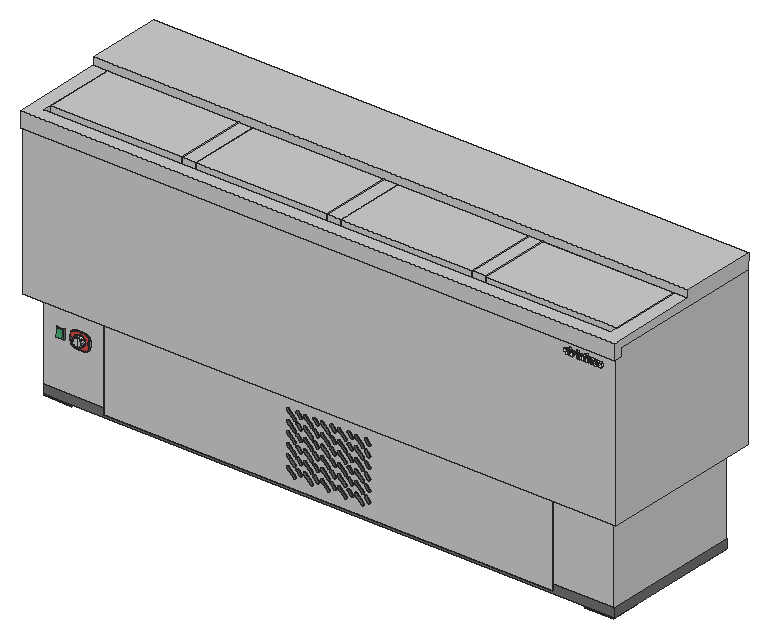
Revit family "QF_INFRICO_EFP2000II_250807083716", category Specialty Equipment, Revit 2021
Family settings
  Round Connector Dimension = Use Diameter
  Part Type = Normal
  OmniClass Number = 23.40.40.14
  OmniClass Title = Food Service Equipment
  Work Plane-Based = No
  Always vertical = Yes
  Cut with Voids When Loaded = No
  Shared = No
  Room Calculation Point = No
Parameters (values of type "EFP2000II")
  Weight [instance] = 88.9994 kg
  Waste Water Discharge Temperature [instance] = 0 °C
  Waste Remarks [instance] = ""
  Warranty Start Date [instance] = ""
  Warranty Duration [instance] = ""
  Volts [instance] = 230 V
  Volt Free Conn [instance] = no
  URL Recommended Spares List [instance] = ""
  URL Manufacturer [instance] = ""
  URL Cutsheet [instance] = ""
  URL Critical Spares List [instance] = ""
  URL = "www.infrico.com"
  Technical Documentation [instance] = ""
  Tag Number [instance] = ""
  Status [instance] = ""
  Start Up Current [instance] = 0 A
  Specification by User [instance] = ""
  Specification by Manufacturer [instance] = ""
  Sound Level [instance] = ""
  Show Logo [instance] = yes
  Show Clearances [instance] = yes
  Service Life Duration [instance] = ""
  Serial Number [instance] = ""
  Seismic Rating [instance] = ""
  SMACNA No [instance] = ""
  Revision Code [instance] = ""
  Revision [instance] = ""
  Production Year [instance] = ""
  Potential Equalisation [instance] = no
  Point Load [instance] = 0
  Plumbing Connection Type [instance] = ""
  Phase [instance] = 1
  Other Equipment Approvals [instance] = ""
  Operational Current [instance] = 0 A
  Number of Poles [instance] = 2
  No Load Power Draw [instance] = no
  NAFEM Spec ID Number [instance] = ""
  Model Warning [instance] = ""
  Model = "EFP2000II"
  Min Ckt Ampacity [instance] = 0 A
  Max Overcurrent Protection [instance] = 0 A
  Masterspec [instance] = ""
  Manufacturer = "INFRICO"
  Main switch integrated [instance] = no
  Length Actual [instance] = 1954.022 mm
  Item Number [instance] = ""
  Installed By [instance] = ""
  Installation Date [instance] = ""
  Indirect Waste Size [instance] = 19.05 mm
  Indirect Waste Remarks [instance] = ""
  Indirect Waste Flow [instance] = 0.0 L/s
  Indirect Waste Connection Type [instance] = ""
  Indirect Waste Connection Height [instance] = 0 mm
  Identify Quantity as Lot [instance] = no
  ID [instance] = ""
  Hygiene Approval [instance] = ""
  Height Actual [instance] = 880.11 mm
  HP power [instance] = ""
  Furnished By [instance] = ""
  Foodservice Equipment Identifier [instance] = no
  FL Amps [instance] = 0 A
  Electrical Remarks [instance] = ""
  Electric power [instance] = 180 W
  Electric Connection Type [instance] = ""
  Elec Conn RI Height [instance] = 0 mm
  Elec Conn Connection Height [instance] = 0 mm
  ETL Approved [instance] = no
  Direct Waste Water Discharge Temperature [instance] = -273.15 °C
  Direct Waste Size [instance] = 19.05 mm
  Direct Waste RI Height [instance] = 0 mm
  Direct Waste Flow [instance] = 0.0 L/s
  Direct Waste Connection Height [instance] = 0 mm
  Description = "CHEST BOTTLE COOLER FLAT BOTTOM - STAINLESS STEEL - FOUR DOORS - R290"
  Depth Actual [instance] = 549.91 mm
  Default Elevation = 0 mm
  Cycle [instance] = 50 Hz
  Cost = 0
  Connection to energy optimisation system [instance] = yes
  Conn Plug [instance] = ""
  Conn Conduit [instance] = no
  Centralized building control system with digital interface [instance] = ""
  CSI MasterFormat [instance] = ""
  CE Approved [instance] = no
  Barcode [instance] = 0
  Author [instance] = ""
  Asset Identifier [instance] = ""
  Apparent Power [instance] = 180 VA
  Accessory [instance] = no
Reference planes
  plane 1 "Center (Front/Back)": y = 0
  plane 2: z = 0
  plane 3 "Center (Left/Right)": x = 0
Forms (mm)
  Extrusion 1, solid, not visible
    sketch origin (94.005, -271.013, 296.014) x (1, 0, 0) y (0, 1, 0)
      loop
        line (-2, 2) -> (-2, -2) -> (2, -2) -> (2, 2) -> (-2, 2)
    from -2 to 2
  Extrusion 2, solid, not visible
    sketch origin (1794.088, -40.002, 72.004) x (1, 0, 0) y (0, 1, 0)
      loop
        line (-2, 2) -> (-2, -2) -> (2, -2) -> (2, 2) -> (-2, 2)
    from -2 to 2
Dimensions and locks
  locked: nested 2 to Extrusion 1 at 2  (x2)
  locked: nested 3 to Extrusion 2 at 2  (x2)
  aligned and locked: level to plane 2
Nested families
  nested 1: "QF_INFRICO_EFP2000II_2920" at (0, 0, 0), type "EFP2000II"
    with Weight 88.9994 kg, Warranty Start Date "", Warranty Duration "", URL Cutsheet "", Technical Documentation "", Tag Number "", Status "", Specification by User "", Specification by Manufacturer "", Sound Level "", Solid Fuel Type "", Show Logo yes, Show Clearances yes, Show Clearance yes, Service Life Duration "", Serial Number "", Seismic Rating "", SMACNA No "", Revision Code "", Revision "", Production Year "", Point Load 0, Other Equipment Approvals "", NAFEM Spec ID Number "", Model Warning "", Masterspec "", Length Actual 1954.022 mm, Item Number "", Installed By "", Installation Date "", Identify Quantity as Lot yes, ID "", Hygiene Approval "", Height Actual 880.11 mm, Furnished By "", Foodservice Equipment Identifier yes, Finish none, ETL Approved yes, Depth Actual 549.91 mm, CSI MasterFormat "", CE Approved no, Barcode "", Author "", Asset Identifier "", Accessory no
  nested 2: "CONN_POINT_DRAIN_2D___Generic_Annotation" at (94.005, -271.013, 294.014), type "CONN_POINT_DRAIN_2D___Generic_Annotation"
    with Onboard connection annotation symbol visibility yes
  nested 3: "CONN_POINT_ELE_2D___Generic_Annotation" at (1794.088, -40.002, 70.003), type "CONN_POINT_ELE_2D___Generic_Annotation"
    with Onboard connection annotation symbol visibility yes
Connectors
  piping at (94.005, -271.013, 294.014), diameter 19.05, driven by "Indirect Waste Size", driven by "Direct Waste Flow"
    settings: on Extrusion 1, index 1, connector inside diameter 609.6 mm, connector length 0 mm, flow factor 0, pipe flow 0.0 L/s, pressure drop 0.0 Pa, fitting loss kfactor 0, connector angle 0.00°, fixture units 0, engagement length 0 mm, angle of deflection 0.00°, flow configuration 1, flow direction 2, fitting loss method 0, system type 16, joint type 0, gender type 0, connector reference index -1, connector utility 0, adjustable connector no, is connector primary yes, connector description "Waste connection for EFP2000II"
  electrical at (1794.088, -40.002, 70.003), driven by "Apparent Power", driven by "Number of Poles", driven by "Volts"
    settings: on Extrusion 2, index 2, voltage 230 V, apparent load 0 VA, apparent load phase1 180 VA, apparent load phase2 0 VA, apparent load phase3 0 VA, power factor 1, load classification "Other", number of poles 2, system type 31, power factor state 1, is connector primary yes, connector utility no, sub classification motor no, connector description "Electrical connection for EFP2000II"
Definition of nested family "QF_INFRICO_EFP2000II_2920"
  Parameters (values of type "EFP2000II")
    Weight [instance] = 0.00 kg
    Warranty Start Date [instance] = ""
    Warranty Duration [instance] = ""
    URL Cutsheet [instance] = ""
    URL = "www.infrico.com"
    Technical Documentation [instance] = ""
    Tag Number [instance] = ""
    Status [instance] = ""
    Specification by User [instance] = ""
    Specification by Manufacturer [instance] = ""
    Sound Level [instance] = ""
    Solid Fuel Type [instance] = ""
    Show Logo [instance] = yes
    Show Clearances [instance] = yes
    Show Clearance [instance] = yes
    Service Life Duration [instance] = ""
    Serial Number [instance] = ""
    Seismic Rating [instance] = ""
    SMACNA No [instance] = ""
    Revision Code [instance] = ""
    Revision [instance] = ""
    Production Year [instance] = ""
    Point Load [instance] = 0
    Other Equipment Approvals [instance] = ""
    NAFEM Spec ID Number [instance] = ""
    Model Warning [instance] = ""
    Model = "EFP2000II"
    Masterspec [instance] = ""
    Manufacturer = "INFRICO"
    Length Actual [instance] = 0 mm
    Item Number [instance] = ""
    Installed By [instance] = ""
    Installation Date [instance] = ""
    Identify Quantity as Lot [instance] = yes
    ID [instance] = ""
    Hygiene Approval [instance] = ""
    Height Actual [instance] = 0 mm
    Furnished By [instance] = ""
    Foodservice Equipment Identifier [instance] = yes
    Finish [instance] = none
    ETL Approved [instance] = yes
    Description = "CHEST BOTTLE COOLER FLAT BOTTOM - STAINLESS STEEL - FOUR DOORS - R290"
    Depth Actual [instance] = 0 mm
    Default Elevation = 0 mm
    CSI MasterFormat [instance] = ""
    CE Approved [instance] = yes
    Barcode [instance] = ""
    Author [instance] = ""
    Asset Identifier [instance] = ""
    Assembly Code = "E1090320"
    Accessory [instance] = yes
  Reference planes
    plane 1 "Back": y = 0
    plane 2: z = 0
    plane 3 "Left": x = 0
    plane 4 "Right": x = 1954
    plane 5 "Front": y = -550
    plane 6 "Top": z = 880
  Forms (mm)
    Extrusion 1, solid
      sketch origin (0, 0, 0) x (0, 1, 0) y (0, 0, 1)
        loop
          line (0, 880) -> (-247, 880) -> (-247, 855) -> (0, 855) -> (0, 880)
      from 0 to 1954
    Extrusion 2, solid
      sketch origin (0, 0, 0) x (1, 0, 0) y (0, 0, 1)
        loop
          line (44, 855) -> (0, 855) -> (0, 830) -> (3, 830) -> (3, 836) -> (44, 836) -> (44, 855)
      from 0 to 510
    Extrusion 3, solid
      sketch origin (1954, 0, 0) x (-1, 0, 0) y (0, 0, -1)
        loop
          line (44, -855) -> (44, -836) -> (3, -836) -> (3, -830) -> (0, -830) -> (0, -855) -> (44, -855)
      from 0 to 510
    Extrusion 4, solid
      sketch origin (0, 0, 0) x (0, 1, 0) y (0, 0, 1)
        loop
          line (-510, 830) -> (-510, 855) -> (-550, 855) -> (-550, 830) -> (-510, 830)
      from 0 to 1954
    Extrusion 5, solid
      sketch origin (2, 0, 0) x (0, 1, 0) y (0, 0, 1)
        loop
          line (-247, 855) -> (-482, 855) -> (-482, 830) -> (-247, 830) -> (-247, 855)
      from 44 to 475
    Extrusion 6, solid
      sketch origin (0, 0, 0) x (0, 1, 0) y (0, 0, 1)
        loop
          line (0, 855) -> (-44, 855) -> (-44, 830) -> (0, 830) -> (0, 855)
      from 44 to 1910
    Extrusion 7, solid
      sketch origin (0, 0, 0) x (1, 0, 0) y (0, 0, 1)
        loop
          line (3, 830) -> (44, 830) -> (44, 836) -> (3, 836) -> (3, 830)
      from 0 to 44
    Extrusion 8, solid
      sketch origin (1907, 0, 0) x (1, 0, 0) y (0, 0, 1)
        loop
          line (3, 830) -> (44, 830) -> (44, 836) -> (3, 836) -> (3, 830)
      from 0 to 44
    Extrusion 9, solid
      sketch origin (3, 0, 0) x (0, 1, 0) y (0, 0, 1)
        loop
          line (-542, 830) -> (-542, 313) -> (-504, 313) -> (-504, 830) -> (-542, 830)
      from 0 to 1948
    Extrusion 10, solid
      sketch origin (3, 0, 0) x (0, 1, 0) y (0, 0, 1)
        loop
          line (-504, 313) -> (0, 313) -> (0, 830) -> (-504, 830) -> (-504, 313)
      from 0 to 1948
    Extrusion 11, solid
      sketch origin (39, 0, 0) x (0, 1, 0) y (0, 0, 1)
        loop
          line (-42, 313) -> (-504, 313) -> (-504, 43) -> (-42, 43) -> (-42, 313)
      from 0 to 200
    Extrusion 12, solid
      sketch origin (1715, 0, 0) x (0, 1, 0) y (0, 0, 1)
        loop
          line (-42, 313) -> (-504, 313) -> (-504, 43) -> (-42, 43) -> (-42, 313)
      from 0 to 200
    Extrusion 13, solid
      sketch origin (0, 0, 0) x (1, 0, 0) y (0, 0, 1)
        loop
          line (239, 313) -> (239, 23) -> (1715, 23) -> (1715, 313) -> (239, 313)
      from 42 to 52
    Extrusion 14, solid
      sketch origin (0, -452, 0) x (1, 0, 0) y (0, 0, 1)
        loop
          line (239, 313) -> (239, 23) -> (1715, 23) -> (1715, 313) -> (239, 313)
      from 42 to 52
    Extrusion 15, solid
      sketch origin (-961, 0, 13) x (1, 0, 0) y (0, 1, 0)
        loop
          line (1000, -42) -> (1000, -504) -> (1200, -504) -> (1200, -474) -> (1030, -474) -> (1030, -72) -> (1200, -72) -> (1200, -42) -> (1000, -42)
      from 0 to 30
    Extrusion 16, solid
      sketch origin (2915, 0, 13) x (-1, 0, 0) y (0, -1, 0)
        loop
          line (998.35, 42) -> (1200, 42) -> (1200, 72) -> (1030, 72) -> (1030, 474) -> (1200, 474) -> (1200, 504) -> (998.35, 504) -> (998.35, 42)
      from 0 to 30
    Extrusion 17, solid
      sketch origin (-1000, 0, 0) x (1, 0, 0) y (0, 1, 0)
        loop
          line (1239, -504) -> (2715, -504) -> (2715, -494) -> (1239, -494) -> (1239, -504)
      from 13 to 23
    Extrusion 18, solid
      sketch origin (-1000, 452, 0) x (1, 0, 0) y (0, 1, 0)
        loop
          line (1239, -504) -> (2715, -504) -> (2715, -494) -> (1239, -494) -> (1239, -504)
      from 13 to 23
    Extrusion 19, solid
      sketch origin (-1000, 0, 0) x (1, 0, 0) y (0, 1, 0)
        loop
          line (1239, -72) -> (2715, -72) -> (2715, -52) -> (1239, -52) -> (1239, -72)
      from 13 to 43
    Extrusion 20, solid
      sketch origin (-1000, -422, 0) x (1, 0, 0) y (0, 1, 0)
        loop
          line (1239, -72) -> (2715, -72) -> (2715, -52) -> (1239, -52) -> (1239, -72)
      from 13 to 43
    Extrusion 21, solid
      sketch origin (39, 0, 10) x (1, 0, 0) y (0, 1, 0)
        loop
          line (0, -42) -> (0, -137) -> (95, -42) -> (0, -42)
      from 0 to 3
    Extrusion 22, solid
      sketch origin (1915, 0, 10) x (-1, 0, 0) y (0, -1, 0)
        loop
          line (0, 42) -> (95, 42) -> (0, 137) -> (0, 42)
      from 0 to 3
    Extrusion 23, solid
      sketch origin (39, -546, 10) x (1, 0, 0) y (0, 1, 0)
        loop
          line (0, 42) -> (95, 42) -> (0, 137) -> (0, 42)
      from 0 to 3
    Extrusion 24, solid
      sketch origin (1915, -546, 10) x (-1, 0, 0) y (0, -1, 0)
        loop
          line (0, -42) -> (0, -137) -> (95, -42) -> (0, -42)
      from 0 to 3
    Revolve 25, solid
      sketch origin (67, 0, 0) x (0, 1, 0) y (0, 0, 1)
        loop
          line (-70, 0) -> (-66, 0)
          arc (-66, 0) -> (-56.372, 2.368) -> (-49, 9) r 20.382
          arc (-49, 9) -> (-48.132, 9.763) -> (-47, 10) r 2.271
          line (-47, 10) -> (-70, 10) -> (-70, 0)
        axis (-70, 0) -> (-70, 10)
      angle from 0 to 360
    Revolve 26, solid
      sketch origin (1887, 0, 0) x (0, 1, 0) y (0, 0, -1)
        loop
          line (-70, 0) -> (-70, -10) -> (-47, -10)
          arc (-47, -10) -> (-48.132, -9.763) -> (-49, -9) r 2.271
          arc (-49, -9) -> (-56.372, -2.368) -> (-66, 0) r 20.382
          line (-66, 0) -> (-70, 0)
        axis (-70, 0) -> (-70, -10)
      angle from 0 to 360
    Revolve 27, solid
      sketch origin (67, -406, 0) x (0, 1, 0) y (0, 0, 1)
        loop
          line (-70, 0) -> (-66, 0)
          arc (-66, 0) -> (-56.372, 2.368) -> (-49, 9) r 20.382
          arc (-49, 9) -> (-48.132, 9.763) -> (-47, 10) r 2.271
          line (-47, 10) -> (-70, 10) -> (-70, 0)
        axis (-70, 0) -> (-70, 10)
      angle from 0 to 360
    Revolve 28, solid
      sketch origin (1887, -406, 0) x (0, 1, 0) y (0, 0, -1)
        loop
          line (-70, 0) -> (-70, -10) -> (-47, -10)
          arc (-47, -10) -> (-48.132, -9.763) -> (-49, -9) r 2.271
          arc (-49, -9) -> (-56.372, -2.368) -> (-66, 0) r 20.382
          line (-66, 0) -> (-70, 0)
        axis (-70, 0) -> (-70, -10)
      angle from 0 to 360
    Extrusion 29, solid, visible <- "Show Logo"
      sketch origin (620.682, -542, 67.214) x (1, 0, 0) y (0, 0, 1)
        loop
          line (1208.799, 696.53) -> (1208.799, 719.204) -> (1204.173, 719.204) -> (1204.173, 696.53) -> (1208.799, 696.53)
        loop
          line (1214.779, 713.006) -> (1211.283, 713.006) -> (1211.283, 696.53) -> (1215.772, 696.53) -> (1215.772, 707.832)
          arc (1215.772, 707.832) -> (1217.528, 708.741) -> (1219.417, 709.324) r 11.052
          arc (1219.417, 709.324) -> (1220.929, 708.961) -> (1221.598, 707.557) r 1.806
          line (1221.598, 707.557) -> (1221.598, 696.53) -> (1226.121, 696.53) -> (1226.121, 708.689)
          arc (1226.121, 708.689) -> (1224.637, 712.075) -> (1221.141, 713.281) r 4.607
          arc (1221.141, 713.281) -> (1218.282, 712.674) -> (1215.669, 711.361) r 11.435
          line (1215.669, 711.361) -> (1215.601, 712.184)
          arc (1215.601, 712.184) -> (1215.36, 712.765) -> (1214.779, 713.006) r 0.822
        loop
          line (1238.557, 720.102) -> (1237.306, 720.102)
          arc (1237.306, 720.102) -> (1235.052, 719.926) -> (1232.881, 719.297) r 11.103
          arc (1232.881, 719.297) -> (1230.805, 717.616) -> (1230.024, 715.062) r 4.567
          line (1230.024, 715.062) -> (1230.024, 712.909) -> (1227.351, 712.703) -> (1227.351, 709.374) -> (1230.024, 709.374) -> (1230.024, 696.53) -> (1234.547, 696.53) -> (1234.547, 709.374) -> (1238.249, 709.374) -> (1238.249, 712.938) -> (1234.547, 712.938) -> (1234.547, 714.548)
          arc (1234.547, 714.548) -> (1234.956, 715.705) -> (1236.045, 716.271) r 1.67
          line (1236.045, 716.271) -> (1237.7, 716.399)
          arc (1237.7, 716.399) -> (1238.306, 716.65) -> (1238.557, 717.255) r 0.857
          line (1238.557, 717.255) -> (1238.557, 720.102)
        loop
          line (1239.479, 713.006) -> (1239.479, 696.53) -> (1243.968, 696.53) -> (1243.968, 707.352)
          arc (1243.968, 707.352) -> (1245.873, 708.631) -> (1248.077, 709.268) r 7.435
          line (1248.077, 709.268) -> (1249.241, 709.416)
          arc (1249.241, 709.416) -> (1249.643, 709.758) -> (1249.793, 710.265) r 0.928
          line (1249.793, 710.265) -> (1249.793, 712.458)
          arc (1249.793, 712.458) -> (1249.531, 713.061) -> (1248.912, 713.28) r 0.824
          arc (1248.912, 713.28) -> (1246.197, 712.588) -> (1243.899, 710.984) r 7.833
          line (1243.899, 710.984) -> (1243.726, 713.006) -> (1239.479, 713.006)
        loop
          line (1255.495, 696.53) -> (1255.495, 713.006) -> (1251.006, 713.006) -> (1251.006, 696.53) -> (1255.495, 696.53)
        loop
          arc (1257.421, 701.327) -> (1258.567, 698.188) -> (1261.466, 696.525) r 4.873
          arc (1261.466, 696.525) -> (1264.493, 696.266) -> (1267.521, 696.525) r 17.816
          arc (1267.521, 696.525) -> (1270.575, 699.134) -> (1271.505, 703.041) r 6.481
          line (1271.505, 703.041) -> (1267.187, 703.041) -> (1267.187, 701.67)
          arc (1267.187, 701.67) -> (1266.64, 700.452) -> (1265.442, 699.865) r 1.965
          arc (1265.442, 699.865) -> (1264.547, 699.816) -> (1263.653, 699.865) r 8.196
          arc (1263.653, 699.865) -> (1262.417, 700.415) -> (1261.91, 701.67) r 1.806
          line (1261.91, 701.67) -> (1261.91, 707.9)
          arc (1261.91, 707.9) -> (1262.417, 709.155) -> (1263.653, 709.705) r 1.806
          arc (1263.653, 709.705) -> (1264.547, 709.754) -> (1265.442, 709.705) r 8.196
          arc (1265.442, 709.705) -> (1266.64, 709.118) -> (1267.187, 707.9) r 1.965
          line (1267.187, 707.9) -> (1267.187, 706.838) -> (1271.505, 706.838)
          arc (1271.505, 706.838) -> (1270.524, 710.556) -> (1267.521, 712.959) r 6.132
          arc (1267.521, 712.959) -> (1264.493, 713.294) -> (1261.466, 712.959) r 13.851
          arc (1261.466, 712.959) -> (1258.571, 711.349) -> (1257.421, 708.243) r 4.772
          line (1257.421, 708.243) -> (1257.421, 701.327)
        loop
          arc (1272.916, 701.329) -> (1273.993, 698.345) -> (1276.726, 696.734) r 4.676
          arc (1276.726, 696.734) -> (1278.515, 696.455) -> (1280.318, 696.291) r 28.371
          arc (1280.318, 696.291) -> (1282.122, 696.455) -> (1283.911, 696.734) r 28.371
          arc (1283.911, 696.734) -> (1286.644, 698.345) -> (1287.72, 701.329) r 4.676
          line (1287.72, 701.329) -> (1287.72, 708.242)
          arc (1287.72, 708.242) -> (1286.644, 711.226) -> (1283.911, 712.837) r 4.676
          arc (1283.911, 712.837) -> (1282.122, 713.116) -> (1280.318, 713.28) r 28.371
          arc (1280.318, 713.28) -> (1278.515, 713.116) -> (1276.726, 712.837) r 28.371
          arc (1276.726, 712.837) -> (1273.993, 711.226) -> (1272.916, 708.242) r 4.676
          line (1272.916, 708.242) -> (1272.916, 701.329)
        loop
          line (1277.405, 707.866) -> (1277.405, 701.705)
          arc (1277.405, 701.705) -> (1277.844, 700.556) -> (1278.936, 699.991) r 1.725
          arc (1278.936, 699.991) -> (1279.627, 699.918) -> (1280.318, 699.856) r 46.133
          arc (1280.318, 699.856) -> (1281.01, 699.918) -> (1281.701, 699.991) r 46.133
          arc (1281.701, 699.991) -> (1282.793, 700.556) -> (1283.231, 701.705) r 1.725
          line (1283.231, 701.705) -> (1283.231, 707.866)
          arc (1283.231, 707.866) -> (1282.793, 709.015) -> (1281.701, 709.58) r 1.725
          arc (1281.701, 709.58) -> (1281.01, 709.653) -> (1280.318, 709.716) r 46.133
          arc (1280.318, 709.716) -> (1279.627, 709.653) -> (1278.936, 709.58) r 46.133
          arc (1278.936, 709.58) -> (1277.844, 709.015) -> (1277.405, 707.866) r 1.725
        loop
          arc (1190.339, 696.543) -> (1191.411, 696.987) -> (1191.856, 698.059) r 1.516
          line (1191.856, 698.059) -> (1191.856, 703.891) -> (1196.035, 703.891)
          arc (1196.035, 703.891) -> (1196.79, 704.121) -> (1197.218, 704.782) r 1.147
          line (1197.218, 704.782) -> (1197.218, 706.211)
          arc (1197.218, 706.211) -> (1196.787, 707.258) -> (1195.719, 707.634) r 1.385
          line (1195.719, 707.634) -> (1194.52, 707.634) -> (1197.218, 710.332)
          arc (1197.218, 710.332) -> (1197.605, 711.266) -> (1197.218, 712.2) r 1.321
          line (1197.218, 712.2) -> (1196.495, 712.923)
          arc (1196.495, 712.923) -> (1195.54, 713.338) -> (1194.558, 712.991) r 1.422
          line (1194.558, 712.991) -> (1191.853, 710.286) -> (1191.853, 711.479)
          arc (1191.853, 711.479) -> (1191.443, 712.516) -> (1190.435, 712.992) r 1.516
          line (1190.435, 712.992) -> (1189.514, 712.992)
          arc (1189.514, 712.992) -> (1188.511, 712.514) -> (1188.103, 711.479) r 1.516
          line (1188.103, 711.479) -> (1188.103, 706.83) -> (1182.073, 701.336) -> (1182.073, 707.509) -> (1185.639, 711.075)
          arc (1185.639, 711.075) -> (1186.053, 712.073) -> (1185.639, 713.071) r 1.412
          line (1185.639, 713.071) -> (1184.987, 713.723)
          arc (1184.987, 713.723) -> (1183.939, 714.141) -> (1182.915, 713.667) r 1.428
          line (1182.915, 713.667) -> (1182.073, 712.825) -> (1182.073, 717.784)
          arc (1182.073, 717.784) -> (1181.658, 718.787) -> (1180.655, 719.203) r 1.418
          line (1180.655, 719.203) -> (1179.726, 719.203)
          arc (1179.726, 719.203) -> (1178.723, 718.787) -> (1178.308, 717.784) r 1.418
          line (1178.308, 717.784) -> (1178.308, 712.825) -> (1177.466, 713.667)
          arc (1177.466, 713.667) -> (1176.442, 714.141) -> (1175.394, 713.723) r 1.428
          line (1175.394, 713.723) -> (1174.742, 713.071)
          arc (1174.742, 713.071) -> (1174.328, 712.073) -> (1174.742, 711.075) r 1.412
          line (1174.742, 711.075) -> (1178.308, 707.509) -> (1178.308, 701.336) -> (1172.278, 706.83) -> (1172.278, 711.479)
          arc (1172.278, 711.479) -> (1171.87, 712.514) -> (1170.867, 712.992) r 1.516
          line (1170.867, 712.992) -> (1169.946, 712.992)
          arc (1169.946, 712.992) -> (1168.938, 712.516) -> (1168.528, 711.479) r 1.516
          line (1168.528, 711.479) -> (1168.528, 710.286) -> (1165.823, 712.991)
          arc (1165.823, 712.991) -> (1164.841, 713.338) -> (1163.886, 712.923) r 1.422
          line (1163.886, 712.923) -> (1163.163, 712.2)
          arc (1163.163, 712.2) -> (1162.776, 711.266) -> (1163.163, 710.332) r 1.321
          line (1163.163, 710.332) -> (1165.861, 707.634) -> (1164.662, 707.634)
          arc (1164.662, 707.634) -> (1163.594, 707.258) -> (1163.163, 706.211) r 1.385
          line (1163.163, 706.211) -> (1163.163, 704.782)
          arc (1163.163, 704.782) -> (1163.591, 704.121) -> (1164.346, 703.891) r 1.147
          line (1164.346, 703.891) -> (1168.525, 703.891) -> (1168.525, 698.059)
          arc (1168.525, 698.059) -> (1168.969, 696.987) -> (1170.042, 696.543) r 1.516
          line (1170.042, 696.543) -> (1190.339, 696.543)
      from 0 to 2
    Extrusion 30, solid
      sketch origin (106, -504, 1257.457) x (0, -1, 0) y (0, 0, 1)
        loop
          line (0, -1056.457) -> (2, -1056.457)
          arc (2, -1056.457) -> (5.042, -1056.207) -> (8.002, -1055.466) r 18.678
          arc (8.002, -1055.466) -> (4.242, -1043.724) -> (3, -1031.457) r 59.104
          line (3, -1031.457) -> (0, -1031.457) -> (0, -1056.457)
      from 0 to 19
    Extrusion 31, solid
      sketch origin (106, -506, 1257.457) x (-1, 0, 0) y (0, 0, 1)
        loop
          line (22, -1028.457) -> (-3, -1028.457) -> (-3, -1059.457) -> (22, -1059.457) -> (22, -1028.457)
      from 0 to 2
    Extrusion 32, solid
      sketch origin (-20.187, -504, 114.047) x (1, 0, 0) y (0, 0, 1)
        loop
          line (169.187, 71.953) -> (194.187, 71.953)
          arc (194.187, 71.953) -> (208.329, 77.811) -> (214.187, 91.953) r 20
          line (214.187, 91.953) -> (214.187, 106.953)
          arc (214.187, 106.953) -> (208.329, 121.095) -> (194.187, 126.953) r 20
          line (194.187, 126.953) -> (169.187, 126.953)
          arc (169.187, 126.953) -> (155.045, 121.095) -> (149.187, 106.953) r 20
          line (149.187, 106.953) -> (149.187, 91.953)
          arc (149.187, 91.953) -> (155.045, 77.811) -> (169.187, 71.953) r 20
      from 0 to 2
    Extrusion 33, solid
      sketch origin (-20.187, -504.1, 114.047) x (1, 0, 0) y (0, 0, 1)
        loop
          arc (169.187, 124.953) -> (156.459, 119.681) -> (151.187, 106.953) r 18
          line (151.187, 106.953) -> (151.187, 103.953)
          arc (151.187, 103.953) -> (155.687, 99.453) -> (151.187, 94.953) r 4.5
          line (151.187, 94.953) -> (151.187, 91.953)
          arc (151.187, 91.953) -> (156.459, 79.225) -> (169.187, 73.953) r 18
          line (169.187, 73.953) -> (194.187, 73.953)
          arc (194.187, 73.953) -> (206.915, 79.225) -> (212.187, 91.953) r 18
          line (212.187, 91.953) -> (212.187, 94.953)
          arc (212.187, 94.953) -> (207.687, 99.453) -> (212.187, 103.953) r 4.5
          line (212.187, 103.953) -> (212.187, 106.953)
          arc (212.187, 106.953) -> (206.915, 119.681) -> (194.187, 124.953) r 18
          line (194.187, 124.953) -> (169.187, 124.953)
        loop
          circle (181.687, 99.453) r 20
      from 0 to 2
    Revolve 34, solid
      sketch origin (161.5, 0, 91.547) x (0, 1, 0) y (0, 0, 1)
        loop
          line (-506, 126.953) -> (-508, 126.953) -> (-508, 137.953) -> (-519, 135.953) -> (-519, 121.953) -> (-506, 121.953) -> (-506, 126.953)
        axis (-506, 121.953) -> (-519, 121.953)
      angle from 0 to 360
    Extrusion 35, solid
      sketch origin (-13.5, 0, 14.5) x (1, 0, 0) y (0, 0, 1)
        loop
          arc (172.5, 212.775) -> (175, 213) -> (177.5, 212.775) r 14
          line (177.5, 212.775) -> (177.5, 214.803)
          arc (177.5, 214.803) -> (175, 215) -> (172.5, 214.803) r 16
          line (172.5, 214.803) -> (172.5, 212.775)
        loop
          line (172.5, 185.225) -> (172.5, 183.197)
          arc (172.5, 183.197) -> (175, 183) -> (177.5, 183.197) r 16
          line (177.5, 183.197) -> (177.5, 185.225)
          arc (177.5, 185.225) -> (175, 185) -> (172.5, 185.225) r 14
        loop
          arc (161.225, 196.5) -> (161, 199) -> (161.225, 201.5) r 14
          line (161.225, 201.5) -> (159.197, 201.5)
          arc (159.197, 201.5) -> (159, 199) -> (159.197, 196.5) r 16
          line (159.197, 196.5) -> (161.225, 196.5)
        loop
          line (188.775, 196.5) -> (190.803, 196.5)
          arc (190.803, 196.5) -> (191, 199) -> (190.803, 201.5) r 16
          line (190.803, 201.5) -> (188.775, 201.5)
          arc (188.775, 201.5) -> (189, 199) -> (188.775, 196.5) r 14
        loop
          arc (182.973, 210.508) -> (184.899, 208.899) -> (186.508, 206.973) r 14
          line (186.508, 206.973) -> (187.943, 208.407)
          arc (187.943, 208.407) -> (186.314, 210.314) -> (184.407, 211.943) r 16
          line (184.407, 211.943) -> (182.973, 210.508)
        loop
          line (163.492, 191.027) -> (162.057, 189.593)
          arc (162.057, 189.593) -> (163.686, 187.686) -> (165.593, 186.057) r 16
          line (165.593, 186.057) -> (167.027, 187.492)
          arc (167.027, 187.492) -> (165.101, 189.101) -> (163.492, 191.027) r 14
        loop
          arc (163.492, 206.973) -> (165.101, 208.899) -> (167.027, 210.508) r 14
          line (167.027, 210.508) -> (165.593, 211.943)
          arc (165.593, 211.943) -> (163.686, 210.314) -> (162.057, 208.407) r 16
          line (162.057, 208.407) -> (163.492, 206.973)
        loop
          line (182.973, 187.492) -> (184.407, 186.057)
          arc (184.407, 186.057) -> (186.314, 187.686) -> (187.943, 189.593) r 16
          line (187.943, 189.593) -> (186.508, 191.027)
          arc (186.508, 191.027) -> (184.899, 189.101) -> (182.973, 187.492) r 14
      from 508 to 519
    Extrusion 36, solid
      sketch origin (2051.344, -504.1, 72.143) x (-1, 0, 0) y (0, 0, 1)
        loop
          line (1188.944, -17.063) -> (1210.865, 4.857)
          arc (1210.865, 4.857) -> (1210.865, 11.221) -> (1204.501, 11.221) r 4.5
          line (1204.501, 11.221) -> (1182.58, -10.699)
          arc (1182.58, -10.699) -> (1182.58, -17.063) -> (1188.944, -17.063) r 4.5
        loop
          line (1168.187, -4.093) -> (1179.501, 7.221)
          arc (1179.501, 7.221) -> (1179.501, 13.585) -> (1173.137, 13.585) r 4.5
          line (1173.137, 13.585) -> (1161.823, 2.271)
          arc (1161.823, 2.271) -> (1161.823, -4.093) -> (1168.187, -4.093) r 4.5
        loop
          line (1188.944, 16.937) -> (1210.865, 38.857)
          arc (1210.865, 38.857) -> (1210.865, 45.221) -> (1204.501, 45.221) r 4.5
          line (1204.501, 45.221) -> (1182.58, 23.301)
          arc (1182.58, 23.301) -> (1182.58, 16.937) -> (1188.944, 16.937) r 4.5
        loop
          line (1168.187, 29.907) -> (1179.501, 41.221)
          arc (1179.501, 41.221) -> (1179.501, 47.585) -> (1173.137, 47.585) r 4.5
          line (1173.137, 47.585) -> (1161.823, 36.271)
          arc (1161.823, 36.271) -> (1161.823, 29.907) -> (1168.187, 29.907) r 4.5
        loop
          line (1188.944, 50.937) -> (1210.865, 72.857)
          arc (1210.865, 72.857) -> (1210.865, 79.221) -> (1204.501, 79.221) r 4.5
          line (1204.501, 79.221) -> (1182.58, 57.301)
          arc (1182.58, 57.301) -> (1182.58, 50.937) -> (1188.944, 50.937) r 4.5
        loop
          line (1168.187, 63.907) -> (1179.501, 75.221)
          arc (1179.501, 75.221) -> (1179.501, 81.585) -> (1173.137, 81.585) r 4.5
          line (1173.137, 81.585) -> (1161.823, 70.271)
          arc (1161.823, 70.271) -> (1161.823, 63.907) -> (1168.187, 63.907) r 4.5
        loop
          line (1188.944, 84.937) -> (1210.865, 106.857)
          arc (1210.865, 106.857) -> (1210.865, 113.221) -> (1204.501, 113.221) r 4.5
          line (1204.501, 113.221) -> (1182.58, 91.301)
          arc (1182.58, 91.301) -> (1182.58, 84.937) -> (1188.944, 84.937) r 4.5
        loop
          line (1168.187, 97.907) -> (1179.501, 109.221)
          arc (1179.501, 109.221) -> (1179.501, 115.585) -> (1173.137, 115.585) r 4.5
          line (1173.137, 115.585) -> (1161.823, 104.271)
          arc (1161.823, 104.271) -> (1161.823, 97.907) -> (1168.187, 97.907) r 4.5
        loop
          line (1188.944, 118.937) -> (1210.865, 140.857)
          arc (1210.865, 140.857) -> (1210.865, 147.221) -> (1204.501, 147.221) r 4.5
          line (1204.501, 147.221) -> (1182.58, 125.301)
          arc (1182.58, 125.301) -> (1182.58, 118.937) -> (1188.944, 118.937) r 4.5
        loop
          line (1168.187, 131.907) -> (1179.501, 143.221)
          arc (1179.501, 143.221) -> (1179.501, 149.585) -> (1173.137, 149.585) r 4.5
          line (1173.137, 149.585) -> (1161.823, 138.271)
          arc (1161.823, 138.271) -> (1161.823, 131.907) -> (1168.187, 131.907) r 4.5
        loop
          line (1188.944, 152.937) -> (1210.865, 174.857)
          arc (1210.865, 174.857) -> (1210.865, 181.221) -> (1204.501, 181.221) r 4.5
          line (1204.501, 181.221) -> (1182.58, 159.301)
          arc (1182.58, 159.301) -> (1182.58, 152.937) -> (1188.944, 152.937) r 4.5
        loop
          line (1168.187, 165.907) -> (1179.501, 177.221)
          arc (1179.501, 177.221) -> (1179.501, 183.585) -> (1173.137, 183.585) r 4.5
          line (1173.137, 183.585) -> (1161.823, 172.271)
          arc (1161.823, 172.271) -> (1161.823, 165.907) -> (1168.187, 165.907) r 4.5
        loop
          line (1132.944, -17.063) -> (1154.865, 4.857)
          arc (1154.865, 4.857) -> (1154.865, 11.221) -> (1148.501, 11.221) r 4.5
          line (1148.501, 11.221) -> (1126.58, -10.699)
          arc (1126.58, -10.699) -> (1126.58, -17.063) -> (1132.944, -17.063) r 4.5
        loop
          line (1112.187, -4.093) -> (1123.501, 7.221)
          arc (1123.501, 7.221) -> (1123.501, 13.585) -> (1117.137, 13.585) r 4.5
          line (1117.137, 13.585) -> (1105.823, 2.271)
          arc (1105.823, 2.271) -> (1105.823, -4.093) -> (1112.187, -4.093) r 4.5
        loop
          line (1132.944, 16.937) -> (1154.865, 38.857)
          arc (1154.865, 38.857) -> (1154.865, 45.221) -> (1148.501, 45.221) r 4.5
          line (1148.501, 45.221) -> (1126.58, 23.301)
          arc (1126.58, 23.301) -> (1126.58, 16.937) -> (1132.944, 16.937) r 4.5
        loop
          line (1112.187, 29.907) -> (1123.501, 41.221)
          arc (1123.501, 41.221) -> (1123.501, 47.585) -> (1117.137, 47.585) r 4.5
          line (1117.137, 47.585) -> (1105.823, 36.271)
          arc (1105.823, 36.271) -> (1105.823, 29.907) -> (1112.187, 29.907) r 4.5
        loop
          line (1132.944, 50.937) -> (1154.865, 72.857)
          arc (1154.865, 72.857) -> (1154.865, 79.221) -> (1148.501, 79.221) r 4.5
          line (1148.501, 79.221) -> (1126.58, 57.301)
          arc (1126.58, 57.301) -> (1126.58, 50.937) -> (1132.944, 50.937) r 4.5
        loop
          line (1112.187, 63.907) -> (1123.501, 75.221)
          arc (1123.501, 75.221) -> (1123.501, 81.585) -> (1117.137, 81.585) r 4.5
          line (1117.137, 81.585) -> (1105.823, 70.271)
          arc (1105.823, 70.271) -> (1105.823, 63.907) -> (1112.187, 63.907) r 4.5
        loop
          line (1132.944, 84.937) -> (1154.865, 106.857)
          arc (1154.865, 106.857) -> (1154.865, 113.221) -> (1148.501, 113.221) r 4.5
          line (1148.501, 113.221) -> (1126.58, 91.301)
          arc (1126.58, 91.301) -> (1126.58, 84.937) -> (1132.944, 84.937) r 4.5
        loop
          line (1112.187, 97.907) -> (1123.501, 109.221)
          arc (1123.501, 109.221) -> (1123.501, 115.585) -> (1117.137, 115.585) r 4.5
          line (1117.137, 115.585) -> (1105.823, 104.271)
          arc (1105.823, 104.271) -> (1105.823, 97.907) -> (1112.187, 97.907) r 4.5
        loop
          line (1132.944, 118.937) -> (1154.865, 140.857)
          arc (1154.865, 140.857) -> (1154.865, 147.221) -> (1148.501, 147.221) r 4.5
          line (1148.501, 147.221) -> (1126.58, 125.301)
          arc (1126.58, 125.301) -> (1126.58, 118.937) -> (1132.944, 118.937) r 4.5
        loop
          line (1112.187, 131.907) -> (1123.501, 143.221)
          arc (1123.501, 143.221) -> (1123.501, 149.585) -> (1117.137, 149.585) r 4.5
          line (1117.137, 149.585) -> (1105.823, 138.271)
          arc (1105.823, 138.271) -> (1105.823, 131.907) -> (1112.187, 131.907) r 4.5
        loop
          line (1132.944, 152.937) -> (1154.865, 174.857)
          arc (1154.865, 174.857) -> (1154.865, 181.221) -> (1148.501, 181.221) r 4.5
          line (1148.501, 181.221) -> (1126.58, 159.301)
          arc (1126.58, 159.301) -> (1126.58, 152.937) -> (1132.944, 152.937) r 4.5
        loop
          line (1112.187, 165.907) -> (1123.501, 177.221)
          arc (1123.501, 177.221) -> (1123.501, 183.585) -> (1117.137, 183.585) r 4.5
          line (1117.137, 183.585) -> (1105.823, 172.271)
          arc (1105.823, 172.271) -> (1105.823, 165.907) -> (1112.187, 165.907) r 4.5
        loop
          line (1076.944, -17.063) -> (1098.865, 4.857)
          arc (1098.865, 4.857) -> (1098.865, 11.221) -> (1092.501, 11.221) r 4.5
          line (1092.501, 11.221) -> (1070.58, -10.699)
          arc (1070.58, -10.699) -> (1070.58, -17.063) -> (1076.944, -17.063) r 4.5
        loop
          line (1056.187, -4.093) -> (1067.501, 7.221)
          arc (1067.501, 7.221) -> (1067.501, 13.585) -> (1061.137, 13.585) r 4.5
          line (1061.137, 13.585) -> (1049.823, 2.271)
          arc (1049.823, 2.271) -> (1049.823, -4.093) -> (1056.187, -4.093) r 4.5
        loop
          line (1076.944, 16.937) -> (1098.865, 38.857)
          arc (1098.865, 38.857) -> (1098.865, 45.221) -> (1092.501, 45.221) r 4.5
          line (1092.501, 45.221) -> (1070.58, 23.301)
          arc (1070.58, 23.301) -> (1070.58, 16.937) -> (1076.944, 16.937) r 4.5
        loop
          line (1056.187, 29.907) -> (1067.501, 41.221)
          arc (1067.501, 41.221) -> (1067.501, 47.585) -> (1061.137, 47.585) r 4.5
          line (1061.137, 47.585) -> (1049.823, 36.271)
          arc (1049.823, 36.271) -> (1049.823, 29.907) -> (1056.187, 29.907) r 4.5
        loop
          line (1076.944, 50.937) -> (1098.865, 72.857)
          arc (1098.865, 72.857) -> (1098.865, 79.221) -> (1092.501, 79.221) r 4.5
          line (1092.501, 79.221) -> (1070.58, 57.301)
          arc (1070.58, 57.301) -> (1070.58, 50.937) -> (1076.944, 50.937) r 4.5
        loop
          line (1056.187, 63.907) -> (1067.501, 75.221)
          arc (1067.501, 75.221) -> (1067.501, 81.585) -> (1061.137, 81.585) r 4.5
          line (1061.137, 81.585) -> (1049.823, 70.271)
          arc (1049.823, 70.271) -> (1049.823, 63.907) -> (1056.187, 63.907) r 4.5
        loop
          line (1076.944, 84.937) -> (1098.865, 106.857)
          arc (1098.865, 106.857) -> (1098.865, 113.221) -> (1092.501, 113.221) r 4.5
          line (1092.501, 113.221) -> (1070.58, 91.301)
          arc (1070.58, 91.301) -> (1070.58, 84.937) -> (1076.944, 84.937) r 4.5
        loop
          line (1056.187, 97.907) -> (1067.501, 109.221)
          arc (1067.501, 109.221) -> (1067.501, 115.585) -> (1061.137, 115.585) r 4.5
          line (1061.137, 115.585) -> (1049.823, 104.271)
          arc (1049.823, 104.271) -> (1049.823, 97.907) -> (1056.187, 97.907) r 4.5
        loop
          line (1076.944, 118.937) -> (1098.865, 140.857)
          arc (1098.865, 140.857) -> (1098.865, 147.221) -> (1092.501, 147.221) r 4.5
          line (1092.501, 147.221) -> (1070.58, 125.301)
          arc (1070.58, 125.301) -> (1070.58, 118.937) -> (1076.944, 118.937) r 4.5
        loop
          line (1056.187, 131.907) -> (1067.501, 143.221)
          arc (1067.501, 143.221) -> (1067.501, 149.585) -> (1061.137, 149.585) r 4.5
          line (1061.137, 149.585) -> (1049.823, 138.271)
          arc (1049.823, 138.271) -> (1049.823, 131.907) -> (1056.187, 131.907) r 4.5
        loop
          line (1076.944, 152.937) -> (1098.865, 174.857)
          arc (1098.865, 174.857) -> (1098.865, 181.221) -> (1092.501, 181.221) r 4.5
          line (1092.501, 181.221) -> (1070.58, 159.301)
          arc (1070.58, 159.301) -> (1070.58, 152.937) -> (1076.944, 152.937) r 4.5
        loop
          line (1056.187, 165.907) -> (1067.501, 177.221)
          arc (1067.501, 177.221) -> (1067.501, 183.585) -> (1061.137, 183.585) r 4.5
          line (1061.137, 183.585) -> (1049.823, 172.271)
          arc (1049.823, 172.271) -> (1049.823, 165.907) -> (1056.187, 165.907) r 4.5
        loop
          line (1020.944, -17.063) -> (1042.865, 4.857)
          arc (1042.865, 4.857) -> (1042.865, 11.221) -> (1036.501, 11.221) r 4.5
          line (1036.501, 11.221) -> (1014.58, -10.699)
          arc (1014.58, -10.699) -> (1014.58, -17.063) -> (1020.944, -17.063) r 4.5
        loop
          line (1000.187, -4.093) -> (1011.501, 7.221)
          arc (1011.501, 7.221) -> (1011.501, 13.585) -> (1005.137, 13.585) r 4.5
          line (1005.137, 13.585) -> (993.823, 2.271)
          arc (993.823, 2.271) -> (993.823, -4.093) -> (1000.187, -4.093) r 4.5
        loop
          line (1020.944, 16.937) -> (1042.865, 38.857)
          arc (1042.865, 38.857) -> (1042.865, 45.221) -> (1036.501, 45.221) r 4.5
          line (1036.501, 45.221) -> (1014.58, 23.301)
          arc (1014.58, 23.301) -> (1014.58, 16.937) -> (1020.944, 16.937) r 4.5
        loop
          line (1000.187, 29.907) -> (1011.501, 41.221)
          arc (1011.501, 41.221) -> (1011.501, 47.585) -> (1005.137, 47.585) r 4.5
          line (1005.137, 47.585) -> (993.823, 36.271)
          arc (993.823, 36.271) -> (993.823, 29.907) -> (1000.187, 29.907) r 4.5
        loop
          line (1020.944, 50.937) -> (1042.865, 72.857)
          arc (1042.865, 72.857) -> (1042.865, 79.221) -> (1036.501, 79.221) r 4.5
          line (1036.501, 79.221) -> (1014.58, 57.301)
          arc (1014.58, 57.301) -> (1014.58, 50.937) -> (1020.944, 50.937) r 4.5
        loop
          line (1000.187, 63.907) -> (1011.501, 75.221)
          arc (1011.501, 75.221) -> (1011.501, 81.585) -> (1005.137, 81.585) r 4.5
          line (1005.137, 81.585) -> (993.823, 70.271)
          arc (993.823, 70.271) -> (993.823, 63.907) -> (1000.187, 63.907) r 4.5
        loop
          line (1020.944, 84.937) -> (1042.865, 106.857)
          arc (1042.865, 106.857) -> (1042.865, 113.221) -> (1036.501, 113.221) r 4.5
          line (1036.501, 113.221) -> (1014.58, 91.301)
          arc (1014.58, 91.301) -> (1014.58, 84.937) -> (1020.944, 84.937) r 4.5
        loop
          line (1000.187, 97.907) -> (1011.501, 109.221)
          arc (1011.501, 109.221) -> (1011.501, 115.585) -> (1005.137, 115.585) r 4.5
          line (1005.137, 115.585) -> (993.823, 104.271)
          arc (993.823, 104.271) -> (993.823, 97.907) -> (1000.187, 97.907) r 4.5
        loop
          line (1020.944, 118.937) -> (1042.865, 140.857)
          arc (1042.865, 140.857) -> (1042.865, 147.221) -> (1036.501, 147.221) r 4.5
          line (1036.501, 147.221) -> (1014.58, 125.301)
          arc (1014.58, 125.301) -> (1014.58, 118.937) -> (1020.944, 118.937) r 4.5
        loop
          line (1000.187, 131.907) -> (1011.501, 143.221)
          arc (1011.501, 143.221) -> (1011.501, 149.585) -> (1005.137, 149.585) r 4.5
          line (1005.137, 149.585) -> (993.823, 138.271)
          arc (993.823, 138.271) -> (993.823, 131.907) -> (1000.187, 131.907) r 4.5
        loop
          line (1020.944, 152.937) -> (1042.865, 174.857)
          arc (1042.865, 174.857) -> (1042.865, 181.221) -> (1036.501, 181.221) r 4.5
          line (1036.501, 181.221) -> (1014.58, 159.301)
          arc (1014.58, 159.301) -> (1014.58, 152.937) -> (1020.944, 152.937) r 4.5
        loop
          line (1000.187, 165.907) -> (1011.501, 177.221)
          arc (1011.501, 177.221) -> (1011.501, 183.585) -> (1005.137, 183.585) r 4.5
          line (1005.137, 183.585) -> (993.823, 172.271)
          arc (993.823, 172.271) -> (993.823, 165.907) -> (1000.187, 165.907) r 4.5
        loop
          line (964.944, -17.063) -> (986.865, 4.857)
          arc (986.865, 4.857) -> (986.865, 11.221) -> (980.501, 11.221) r 4.5
          line (980.501, 11.221) -> (958.58, -10.699)
          arc (958.58, -10.699) -> (958.58, -17.063) -> (964.944, -17.063) r 4.5
        loop
          line (944.187, -4.093) -> (955.501, 7.221)
          arc (955.501, 7.221) -> (955.501, 13.585) -> (949.137, 13.585) r 4.5
          line (949.137, 13.585) -> (937.823, 2.271)
          arc (937.823, 2.271) -> (937.823, -4.093) -> (944.187, -4.093) r 4.5
        loop
          line (964.944, 16.937) -> (986.865, 38.857)
          arc (986.865, 38.857) -> (986.865, 45.221) -> (980.501, 45.221) r 4.5
          line (980.501, 45.221) -> (958.58, 23.301)
          arc (958.58, 23.301) -> (958.58, 16.937) -> (964.944, 16.937) r 4.5
        loop
          line (944.187, 29.907) -> (955.501, 41.221)
          arc (955.501, 41.221) -> (955.501, 47.585) -> (949.137, 47.585) r 4.5
          line (949.137, 47.585) -> (937.823, 36.271)
          arc (937.823, 36.271) -> (937.823, 29.907) -> (944.187, 29.907) r 4.5
        loop
          line (964.944, 50.937) -> (986.865, 72.857)
          arc (986.865, 72.857) -> (986.865, 79.221) -> (980.501, 79.221) r 4.5
          line (980.501, 79.221) -> (958.58, 57.301)
          arc (958.58, 57.301) -> (958.58, 50.937) -> (964.944, 50.937) r 4.5
        loop
          line (944.187, 63.907) -> (955.501, 75.221)
          arc (955.501, 75.221) -> (955.501, 81.585) -> (949.137, 81.585) r 4.5
          line (949.137, 81.585) -> (937.823, 70.271)
          arc (937.823, 70.271) -> (937.823, 63.907) -> (944.187, 63.907) r 4.5
        loop
          line (964.944, 84.937) -> (986.865, 106.857)
          arc (986.865, 106.857) -> (986.865, 113.221) -> (980.501, 113.221) r 4.5
          line (980.501, 113.221) -> (958.58, 91.301)
          arc (958.58, 91.301) -> (958.58, 84.937) -> (964.944, 84.937) r 4.5
        loop
          line (944.187, 97.907) -> (955.501, 109.221)
          arc (955.501, 109.221) -> (955.501, 115.585) -> (949.137, 115.585) r 4.5
          line (949.137, 115.585) -> (937.823, 104.271)
          arc (937.823, 104.271) -> (937.823, 97.907) -> (944.187, 97.907) r 4.5
        loop
          line (964.944, 118.937) -> (986.865, 140.857)
          arc (986.865, 140.857) -> (986.865, 147.221) -> (980.501, 147.221) r 4.5
          line (980.501, 147.221) -> (958.58, 125.301)
          arc (958.58, 125.301) -> (958.58, 118.937) -> (964.944, 118.937) r 4.5
        loop
          line (944.187, 131.907) -> (955.501, 143.221)
          arc (955.501, 143.221) -> (955.501, 149.585) -> (949.137, 149.585) r 4.5
          line (949.137, 149.585) -> (937.823, 138.271)
          arc (937.823, 138.271) -> (937.823, 131.907) -> (944.187, 131.907) r 4.5
        loop
          line (964.944, 152.937) -> (986.865, 174.857)
          arc (986.865, 174.857) -> (986.865, 181.221) -> (980.501, 181.221) r 4.5
          line (980.501, 181.221) -> (958.58, 159.301)
          arc (958.58, 159.301) -> (958.58, 152.937) -> (964.944, 152.937) r 4.5
        loop
          line (944.187, 165.907) -> (955.501, 177.221)
          arc (955.501, 177.221) -> (955.501, 183.585) -> (949.137, 183.585) r 4.5
          line (949.137, 183.585) -> (937.823, 172.271)
          arc (937.823, 172.271) -> (937.823, 165.907) -> (944.187, 165.907) r 4.5
      from 0 to 2
    Extrusion 37, solid
      sketch origin (-1000, 0, 0) x (1, 0, 0) y (0, 1, 0)
        loop
          line (1000, -550) -> (2954, -550) -> (2954, -525) -> (2951, -525) -> (2951, -548) -> (1003, -548) -> (1003, -525) -> (1000, -525) -> (1000, -550)
      from 805 to 830
    Extrusion 38, solid
      sketch origin (998, 0, 0) x (0, 1, 0) y (0, 0, -1)
        loop
          line (-247, -855) -> (-247, -830) -> (-482, -830) -> (-482, -855) -> (-247, -855)
      from 44 to 475
    Extrusion 39, solid
      sketch origin (-2, 0, 0) x (1, 0, 0) y (0, 1, 0)
        loop
          line (480, -247) -> (480, -482) -> (524, -482) -> (524, -247) -> (480, -247)
      from 830 to 855
    Extrusion 40, solid
      sketch origin (1475, 0, 0) x (0, 1, 0) y (0, 0, -1)
        loop
          line (-247, -855) -> (-247, -830) -> (-482, -830) -> (-482, -855) -> (-247, -855)
      from 44 to 475
    Extrusion 41, solid
      sketch origin (475, 0, 0) x (1, 0, 0) y (0, 1, 0)
        loop
          line (480, -247) -> (480, -482) -> (524, -482) -> (524, -247) -> (480, -247)
      from 830 to 855
    Extrusion 42, solid
      sketch origin (1952, 0, 0) x (0, 1, 0) y (0, 0, -1)
        loop
          line (-247, -855) -> (-247, -830) -> (-482, -830) -> (-482, -855) -> (-247, -855)
      from 44 to 475
    Extrusion 43, solid
      sketch origin (952, 0, 0) x (1, 0, 0) y (0, 1, 0)
        loop
          line (480, -247) -> (480, -482) -> (524, -482) -> (524, -247) -> (480, -247)
      from 830 to 855
  Cuts and joins
    joined: Extrusion 15, Extrusion 16, Extrusion 17, Extrusion 18, Extrusion 19, Extrusion 20
    joined: Extrusion 9, Extrusion 10
    joined: Extrusion 1, Extrusion 2, Extrusion 3, Extrusion 4, Extrusion 6, Extrusion 7, Extrusion 8, Extrusion 37
  Lines and regions (mm)
    symbolic lines
      curve 1: line (0, 0, 0) -> (1954, 0, 0)
      curve 2: line (0, -550, 0) -> (0, 0, 0)
      curve 3: line (1954, -550, 0) -> (0, -550, 0)
      curve 4: line (1954, 0, 0) -> (1954, -550, 0)
      curve 5: line (0, -247, 0) -> (1954, -247, 0)
      curve 6: line (1954, -510, 0) -> (0, -510, 0)
      curve 7: line (44, -510, 0) -> (44, -247, 0)
      curve 8: line (1910, -247, 0) -> (1910, -510, 0)
      curve 9: line (44, -482, 0) -> (1910, -482, 0)
      curve 10: line (44, -504, 0) -> (1910, -504, 0)
      curve 11: line (478, -247, 0) -> (478, -482, 0)
      curve 12: line (522, -482, 0) -> (522, -247, 0)
      curve 13: line (523, -247, 0) -> (523, -482, 0)
      curve 14: line (477, -482, 0) -> (477, -247, 0)
      curve 15: line (46, -247, 0) -> (46, -482, 0)
      curve 16: line (954, -247, 0) -> (954, -482, 0)
      curve 17: line (955, -247, 0) -> (955, -482, 0)
      curve 18: line (999, -482, 0) -> (999, -247, 0)
      curve 19: line (1000, -247, 0) -> (1000, -482, 0)
      curve 20: line (1908, -247, 0) -> (1908, -482, 0)
      curve 21: line (1431, -247, 0) -> (1431, -482, 0)
      curve 22: line (1432, -247, 0) -> (1432, -482, 0)
      curve 23: line (1476, -482, 0) -> (1476, -247, 0)
      curve 24: line (1477, -247, 0) -> (1477, -482, 0)
  Dimensions and locks
    plane 1 "Back" to plane 5 "Front" = 550 mm  (x2)
    plane 3 "Left" to plane 4 "Right" = 1954 mm
    plane 6 "Top" to level = 880 mm  (x2)
    plane 4 "Right" to plane 3 "Left" = 1954 mm
    aligned and locked: level to plane 2
Definition of nested family "CONN_POINT_DRAIN_2D___Generic_Annotation"
  Parameters (values of type "CONN_POINT_DRAIN_2D___Generic_Annotation")
    Onboard connection annotation symbol visibility [instance] = yes
  Reference planes
    plane 1: y = 0
    plane 2: x = 0
  Lines and regions (mm)
    detail lines, visible <- "Onboard connection annotation symbol visibility"
      curve 1: circle (0, 0, 0) r 0.5 normal (0, 0, 1)
      curve 2: line (-1, 0, 0) -> (1, 0, 0)
      curve 3: line (0, 1, 0) -> (0, -1, 0)
      curve 4: line (1.776, 1, 0) -> (1.25, 1, 0)
      curve 5: line (1.25, 1, 0) -> (1.25, -1, 0)
      curve 6: line (1.25, -1, 0) -> (1.776, -1, 0)
      curve 7: arc (2.206, -0.862, 0) -> (2.459, -0.589, 0) -> (2.583, -0.238, 0) r 0.918
      curve 8: arc (2.583, 0.238, 0) -> (2.459, 0.589, 0) -> (2.206, 0.862, 0) r 0.918
      curve 9: arc (2.583, -0.238, 0) -> (2.599, 0, 0) -> (2.583, 0.238, 0) r 1.77
      curve 10: arc (2.206, 0.862, 0) -> (2.002, 0.965, 0) -> (1.776, 1, 0) r 0.741
      curve 11: arc (1.776, -1, 0) -> (2.002, -0.965, 0) -> (2.206, -0.862, 0) r 0.741
Definition of nested family "CONN_POINT_ELE_2D___Generic_Annotation"
  Parameters (values of type "CONN_POINT_ELE_2D___Generic_Annotation")
    Onboard connection annotation symbol visibility [instance] = yes
  Reference planes
    plane 1: y = 0
    plane 2: x = 0
  Lines and regions (mm)
    detail lines, visible <- "Onboard connection annotation symbol visibility"
      curve 1: circle (0, 0, 0) r 0.5 normal (0, 0, 1)
      curve 2: line (-1, 0, 0) -> (1, 0, 0)
      curve 3: line (0, 1, 0) -> (0, -1, 0)
      curve 4: line (2.5, 1, 0) -> (1.25, 1, 0)
      curve 5: line (1.25, 1, 0) -> (1.25, -1, 0)
      curve 6: line (1.25, -1, 0) -> (2.5, -1, 0)
      curve 7: line (1.25, 0, 0) -> (2, 0, 0)
